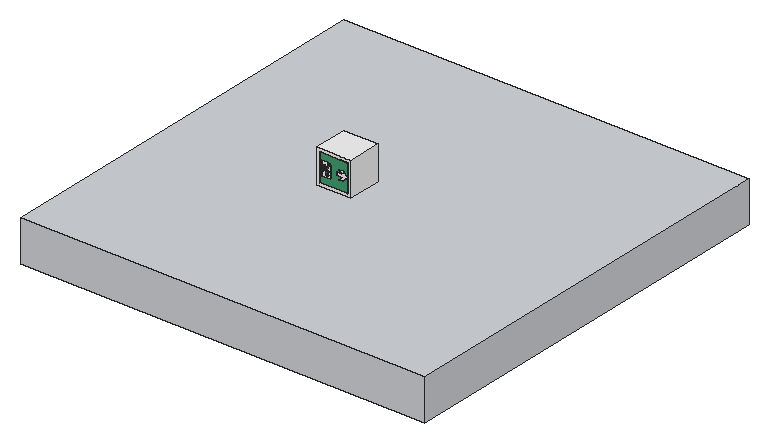
Revit family "Zumtobel CUBESIGN 210", category Lighting Fixtures, host Face, Revit 2016
Family settings
  Host = Face
  Part Type = Normal
  Round Connector Dimension = Use Diameter
  OmniClass Number = 23.80.70.11
  OmniClass Title = Luminaries for Internal Lighting
  Cut with Voids When Loaded = No
  Light Source = Yes
  Shared = No
  Room Calculation Point = No
Parameters (values of type "XUBESIGN 210 SP3-E002-L/D/R")
  Width = 250 mm  # constant formula
  Wattage Comments = ""
  Wattage = 2.31584 W
  built-in parameter 1150110 = 1 (stored number, unit not read)
  Voltage = 230 V
  Suspension Value [instance] = if(Suspension, Suspension Height - 255 mm, 0 mm)  # 0 mm
  Suspension Height [instance] = 0 mm
  Suspension [instance] = Suspension Height > 300 mm  # no
  Stell Rope Length [instance] = if(Suspension, Suspension Value - 35 mm, 600 mm)  # 600 mm
  No Suspension [instance] = not(Suspension)  # yes
  Level Height [instance] = 3000 mm
  Escape Up = no
  URL = "http://www.zumtobel.com/22168758"
  Type Comments = "© Zumtobel. We reserve the right to make technical changes without prior notice."  # constant formula
  built-in parameter 1114217 = 1 (stored number, unit not read)
  Tilt Angle = -90.00°
  built-in parameter 1150109 = 1 (stored number, unit not read)
  built-in parameter 1150134 = 12
  built-in parameter 1150113 = 1 (stored number, unit not read)
  Photometric Web File = "D40711AA_CUBESIGN_210_P_MSC_ECD.IES"
  Offset from Level [instance] = 0 mm
  built-in parameter 1150105 = 51.6 (stored number, unit not read)
  Lumens = 344 lm
  built-in parameter 1150115 = 1 (stored number, unit not read)
  built-in parameter 1150137 = (empty or 0)
  built-in parameter 1150139 = (empty or 0)
  built-in parameter 1150112 = 1 (stored number, unit not read)
  built-in parameter 1150114 = 1 (stored number, unit not read)
  built-in parameter 1150132 = 2
  built-in parameter 1150102 = (empty or 0)
  built-in parameter 1150107 = 4000 (stored number, unit not read)
  built-in parameter 1150138 = (empty or 0)
  built-in parameter 1150106 = 0.516 (stored number, unit not read)
  Height = 250 mm  # constant formula
  Emit from Rectangle Width = 155 mm
  Emit from Rectangle Length = 305 mm
  Emit Shape Visible in Rendering = no
  built-in parameter 1150104 = 13.8 (stored number, unit not read)
  Escape Down = yes
  Dimming Lamp Color Temperature Shift = <None>
  Depth = 250 mm  # constant formula
  Model = "22168758"
  Manufacturer = "Zumtobel Lighting"  # constant formula
  Lamp = "LED"
  Description = "Escape sign LED luminaire ceiling-recessed"  # constant formula
  Default Elevation = 0 mm
  Color Filter = 16777215
  Body = ZG_Metal_White
  built-in parameter 1114218 = 1 (stored number, unit not read)
  built-in parameter 1150133 = 10 (stored number, unit not read)
  Assembly Code = "D5020200"
  Apparent Load = 7.7 VA
Types (2, lengths in mm): name | Escape Up | URL | Escape Down | Model
  CUBESIGN 210 SP3-E002-L/UP/R | yes | "http://www.zumtobel.com/22171418" | no | "22171418"
  XUBESIGN 210 SP3-E002-L/D/R | no | "http://www.zumtobel.com/22168758" | yes | "22168758"
Reference planes
  plane 1 "Center (Front/Back)": y = 0
  plane 2 "Bottom Level": z = 0
  plane 3 "Center (Left/Right)": x = -735.5
  plane 4 "Left": x = -860.5
  plane 5 "Right": x = -610.5
  plane 6 "Back": y = 125
  plane 7 "Front": y = -125
  plane 8: z = 0
  plane 9 "Bottom": z = 5
  plane 10 "Top": z = 255
  plane 11: z = 25
  plane 12: z = 235
  plane 13: x = -840.5
  plane 14: x = -630.5
  plane 15: y = 105
  plane 16: y = -105
  plane 17: z = 130
  plane 18 "2D Symbol": z = 3000
  plane 19 "Suspension": z = 0
  plane 20 "Steel Rope": z = 40
Forms (mm)
  Extrusion 1, solid
    sketch origin (123, 0, 0) x (1, 0, 0) y (0, 1, 0)
      loop
        line (-2085.5, 1500) -> (-2085.5, -1500) -> (914.5, -1500) -> (914.5, 1500) -> (-2085.5, 1500)
    from 0 to -304.8
  Extrusion 2, solid, material "ZG_Metal_White" <- "Body"
    sketch origin (0, 0, 5) x (-1, 0, 0) y (0, -1, 0)
      loop
        line (860.5, -125) -> (860.5, 125) -> (610.5, 125) -> (610.5, -125) -> (860.5, -125)
    from 0 to 20
  Extrusion 3, solid, material "ZG_Metal_White" <- "Body"
    sketch origin (0, 0, -762.5) x (-1, 0, 0) y (0, -1, 0)
      loop
        line (860.5, -125) -> (860.5, 125) -> (610.5, 125) -> (610.5, -125) -> (860.5, -125)
    from 997.5 to 1017.5
  Extrusion 4, solid, material "ZG_Metal_White" <- "Body"
    sketch origin (0, 0, 5) x (-1, 0, 0) y (0, -1, 0)
      loop
        line (860.5, -125) -> (860.5, -105) -> (840.5, -105) -> (840.5, -125) -> (860.5, -125)
      loop
        line (630.5, -125) -> (630.5, 125) -> (610.5, 125) -> (610.5, -125) -> (630.5, -125)
      loop
        line (860.5, 125) -> (840.5, 125) -> (840.5, 105) -> (860.5, 105) -> (860.5, 125)
    from 20 to 230
  Extrusion 5, solid, material "ZG_Plastics_Black", visible <- "Suspension"
    sketch origin (0, 0, 5) x (-1, 0, 0) y (0, -1, 0)
      loop
        circle (831.5, -72.355) r 10
      loop
        circle (639.5, -72.355) r 10
      loop
        circle (831.5, 72.355) r 10
      loop
        circle (639.5, 72.355) r 10
    from 0 to -5
  Extrusion 6, solid, visible <- "Suspension"
    sketch origin (0, 0, 0) x (0, 1, 0) y (-1, 0, 0)
      loop
        circle (0, 735.5) r 7.5
    from 0 to 40
  Extrusion 7, solid, visible <- "Suspension"
    sketch origin (0, 0, 40) x (0, 1, 0) y (-1, 0, 0)
      loop
        circle (0, 735.5) r 2.5
    from 0 to 600 <- "Stell Rope Length"
Cuts and joins
  joined: Extrusion 2, Extrusion 3, Extrusion 4
Lines and regions (mm)
  symbolic lines, not visible, detail levels coarse
    curve 1: line (-735.5, 80, 0) -> (-735.5, -80, 0)
    curve 2: line (-735.5, 80, 0) -> (-735.5, -80, 0)
  model lines, style "InvisibleLines"
    curve 3: line (-735.5, 0, 3000) -> (-735.5, 0, 0)
Dimensions and locks
  locked: plane 10 "Top" to plane 9 "Bottom" at 250
  locked: plane 9 "Bottom" to plane 8 at 5
  locked: plane 10 "Top" to plane 12 at 20
  locked: plane 11 to plane 9 "Bottom" at 20
  "Offset from Level": level to plane 19 "Suspension"
  equal spacing: plane 10 "Top", plane 17, plane 9 "Bottom"
  "Level Height": plane 18 "2D Symbol" to plane 19 "Suspension"
  "Suspension Value": plane 8 to plane 19 "Suspension"
  plane 20 "Steel Rope" to plane 19 "Suspension" = 40 mm
  aligned and locked: plane 2 "Bottom Level" to Extrusion 1
  aligned and locked: level to Extrusion 1
  aligned and locked: plane 12 to Extrusion 4
  aligned and locked: Extrusion 4 to plane 11
  aligned and locked: cut or joined group of Extrusion 2, Extrusion 3, Extrusion 4 to plane 12
  aligned and locked: plane 10 "Top" to cut or joined group of Extrusion 2, Extrusion 3, Extrusion 4
  aligned and locked: nested 1 to plane 17
  aligned and locked: plane 17 to nested 2
  aligned and locked: plane 17 to nested 3
  aligned and locked: plane 18 "2D Symbol" to curve 3
  aligned and locked: plane 8 to curve 3
  aligned and locked: curve 3 to plane 3 "Center (Left/Right)"
  aligned and locked: plane 20 "Steel Rope" to Extrusion 6
  aligned and locked: plane 10 "Top" to imposter light
Automatic sketch dimensions
  curve 1 to plane 3 "Center (Left/Right)" = 0 mm
  curve 2 to plane 3 "Center (Left/Right)" = 0 mm
  plane 16 to curve 1 = 25 mm
  curve 2 to curve 1 = 0 mm
  plane 15 to curve 2 = 25 mm
  curve 1 to curve 2 = 0 mm
  Extrusion 1 sketch curve to Extrusion 1 sketch curve = 3000 mm  (x2)
  Extrusion 3 sketch curve to plane 5 "Right" = 0 mm
  Extrusion 3 sketch curve to plane 4 "Left" = 0 mm
  plane 6 "Back" to Extrusion 3 sketch curve = 0 mm
  Extrusion 3 sketch curve to plane 7 "Front" = 0 mm
  plane 1 "Center (Front/Back)" to Extrusion 6 sketch curve = 0 mm
  Extrusion 6 sketch curve to plane 3 "Center (Left/Right)" = 0 mm
  plane 1 "Center (Front/Back)" to Extrusion 7 sketch curve = 0 mm
  Extrusion 7 sketch curve to plane 3 "Center (Left/Right)" = 0 mm
  Extrusion 2 sketch curve to plane 5 "Right" = 0 mm
  Extrusion 2 sketch curve to plane 4 "Left" = 0 mm
  plane 6 "Back" to Extrusion 2 sketch curve = 0 mm
  Extrusion 2 sketch curve to plane 7 "Front" = 0 mm
  Extrusion 4 sketch curve to plane 5 "Right" = 0 mm
  Extrusion 4 sketch curve to plane 7 "Front" = 0 mm  (x2)
  Extrusion 4 sketch curve to plane 14 = 0 mm
  Extrusion 4 sketch curve to plane 13 = 0 mm  (x2)
  Extrusion 4 sketch curve to plane 4 "Left" = 0 mm  (x2)
  plane 6 "Back" to Extrusion 4 sketch curve = 0 mm  (x2)
  plane 15 to Extrusion 4 sketch curve = 0 mm
  Extrusion 4 sketch curve to plane 16 = 0 mm
  Extrusion 5 sketch curve to plane 14 = 9 mm  (x2)
  Extrusion 5 sketch curve to plane 13 = 9 mm  (x2)
  plane 15 to Extrusion 5 sketch curve = 32.645 mm  (x2)
  plane 16 to Extrusion 5 sketch curve = 32.645 mm  (x2)
  radius of Extrusion 6 sketch curve = 7.5 mm
  radius of Extrusion 7 sketch curve = 2.5 mm
  radius of Extrusion 5 sketch curve = 10 mm  (x4)
Nested families
  nested 1: "Zumtobel_Escape_Up_Down" at (-735.5, -105, 130) x (-1, 0, 0) z (0, 0, 1), type "Zumtobel_Escape_Up_Down"
    with Up no, Left_Right yes, Down no
  nested 2: "Zumtobel_Escape_Up_Down" at (-735.5, 105, 130) x (-1, 0, 0) z (0, 0, 1), type "Zumtobel_Escape_Up_Down"
    with Up no, Left_Right yes, Down no
  nested 3: "Zumtobel_Escape_Up_Down" at (-840.5, 0, 130) x (0, -1, 0) z (0, 0, 1), Down <- "Escape Down", Up <- "Escape Up", type "Zumtobel_Escape_Up_Down"
    with Up no, Left_Right no, Down yes
  nested 4: "2D Symbol Escape Sign" at (-860.5, 0, 3000) x (0, 1, 0) z (0, 0, 1), Escape Down <- "Escape Down", Escape Up <- "Escape Up", type "2D Symbol Escape Sign", detail levels medium+fine
    with Escape Up no, Escape Left & Right no, Escape Down yes
  nested 5: "2D Symbol Escape Sign" at (-735.5, -125, 3000) x (-1, 0, 0) z (0, 0, 1), type "2D Symbol Escape Sign", detail levels medium+fine
    with Escape Down no, Escape Up no
  nested 6: "2D Symbol Escape Sign" at (-735.5, 125, 3000) x (-1, 0, 0) z (0, 0, 1), type "2D Symbol Escape Sign", detail levels medium+fine
    with Escape Down no, Escape Up no
Connectors
  electrical at (-735.5, 0, 5), driven by "Voltage", driven by "Apparent Load"
    settings: on cut or joined group of Extrusion 2, Extrusion 3, Extrusion 4, index 2, voltage 230 V, apparent load 7.7 VA, apparent load phase1 0 VA, apparent load phase2 0 VA, apparent load phase3 0 VA, power factor 1, load classification "Lighting", number of poles 1, system type 30, power factor state 1, is connector primary yes, connector utility no, sub classification motor no, connector description "Power"
Definition of nested family "Zumtobel_Escape_Up_Down"
  Parameters (values of type "Family1")
    Up [instance] = yes
    Down [instance] = yes
    Left_Right [instance] = yes
  Reference planes
    plane 1 "Light Source Axis (F/B)": y = 0
    plane 2: z = 0
    plane 3 "Light Source Axis (L/R)": x = 0
    plane 4 "Light Source Elevation": z = 0
  Forms (mm)
    Extrusion 1, solid, visible <- "Left_Right"
      sketch origin (0, 0, 0) x (1, 0, 0) y (0, 0, 1)
        loop
          line (62.868, 6.416) -> (64.537, 22.713)
          arc (64.537, 22.713) -> (65.76, 25.664) -> (68.711, 26.886) r 4.173
          line (68.711, 26.886) -> (100.338, 26.886)
          arc (100.338, 26.886) -> (96.016, 20.728) -> (88.873, 18.364) r 11.973
          line (88.873, 18.364) -> (74.904, 18.364)
          arc (74.904, 18.364) -> (73.6, 17.824) -> (73.059, 16.519) r 1.845
          line (73.059, 16.519) -> (72.269, 4.308)
          arc (72.269, 4.308) -> (71.666, 0.064) -> (70.424, -4.039) r 28.062
          line (70.424, -4.039) -> (64.23, -16.558) -> (72.005, -16.558)
          arc (72.005, -16.558) -> (72.658, -16.253) -> (73.147, -15.723) r 1.862
          line (73.147, -15.723) -> (79.282, -5.721)
          arc (79.282, -5.721) -> (84.29, -4.521) -> (85.491, -9.53) r 3.642
          line (85.491, -9.53) -> (79.253, -19.896)
          arc (79.253, -19.896) -> (76.114, -22.765) -> (71.917, -23.455) r 7.467
          line (71.917, -23.455) -> (51.886, -23.455)
          arc (51.886, -23.455) -> (47.295, -21.722) -> (43.67, -18.415) r 13.036
          line (43.67, -18.415) -> (36.863, -9.31) -> (26.145, -9.31) -> (26.145, -50.031) -> (91.377, -50.031) -> (91.377, 16.558)
          arc (91.377, 16.558) -> (98.428, 20.097) -> (102.447, 26.886) r 14.005
          line (102.447, 26.886) -> (102.447, 29.039) -> (91.377, 29.039) -> (91.377, 43.359) -> (98.049, 50.031) -> (54.959, 50.031) -> (48.793, 44.276)
          arc (48.793, 44.276) -> (46.44, 42.725) -> (43.705, 42.041) r 8.398
          line (43.705, 42.041) -> (36.644, 42.041) -> (44.986, 50.031) -> (32.816, 50.031) -> (26.145, 43.359) -> (26.145, -1.71) -> (38.62, -1.71)
          arc (38.62, -1.71) -> (41.097, -2.792) -> (43.057, -4.654) r 7.806
          line (43.057, -4.654) -> (47.933, -11.243) -> (53.951, 1.364) -> (35.194, 39.801) -> (43.057, 39.801)
          arc (43.057, 39.801) -> (45.116, 39.239) -> (46.604, 37.709) r 4.052
          line (46.604, 37.709) -> (62.868, 6.416)
        loop
          line (-19.954, -10.649) -> (-19.954, 9.864) -> (-61.726, 9.864) -> (-35.929, 33.921) -> (-62.6, 33.921) -> (-99.396, -0.392) -> (-62.6, -34.705) -> (-35.929, -34.705) -> (-61.726, -10.649) -> (-19.954, -10.649)
        loop
          circle (49.834, -32.826) r 7.802
        loop
          line (105, -105) -> (105, 105) -> (-105, 105) -> (-105, -105) -> (105, -105)
      from 0 to 20
    Extrusion 2, solid, visible <- "Left_Right"
      sketch origin (0, 0, 0) x (1, 0, 0) y (0, 0, 1)
        loop
          line (62.868, 6.416) -> (64.537, 22.713)
          arc (64.537, 22.713) -> (65.76, 25.664) -> (68.711, 26.886) r 4.173
          line (68.711, 26.886) -> (100.338, 26.886)
          arc (100.338, 26.886) -> (96.016, 20.728) -> (88.873, 18.364) r 11.973
          line (88.873, 18.364) -> (74.904, 18.364)
          arc (74.904, 18.364) -> (73.6, 17.824) -> (73.059, 16.519) r 1.845
          line (73.059, 16.519) -> (72.269, 4.308)
          arc (72.269, 4.308) -> (71.666, 0.064) -> (70.424, -4.039) r 28.062
          line (70.424, -4.039) -> (64.23, -16.558) -> (72.005, -16.558)
          arc (72.005, -16.558) -> (72.658, -16.253) -> (73.147, -15.723) r 1.862
          line (73.147, -15.723) -> (79.282, -5.721)
          arc (79.282, -5.721) -> (84.29, -4.521) -> (85.491, -9.53) r 3.642
          line (85.491, -9.53) -> (79.253, -19.896)
          arc (79.253, -19.896) -> (76.114, -22.765) -> (71.917, -23.455) r 7.467
          line (71.917, -23.455) -> (51.886, -23.455)
          arc (51.886, -23.455) -> (47.295, -21.722) -> (43.67, -18.415) r 13.036
          line (43.67, -18.415) -> (36.863, -9.31) -> (26.145, -9.31) -> (26.145, -50.031) -> (91.377, -50.031) -> (91.377, 16.558)
          arc (91.377, 16.558) -> (98.428, 20.097) -> (102.447, 26.886) r 14.005
          line (102.447, 26.886) -> (102.447, 29.039) -> (91.377, 29.039) -> (91.377, 43.359) -> (98.049, 50.031) -> (54.959, 50.031) -> (48.793, 44.276)
          arc (48.793, 44.276) -> (46.44, 42.725) -> (43.705, 42.041) r 8.398
          line (43.705, 42.041) -> (36.644, 42.041) -> (44.986, 50.031) -> (32.816, 50.031) -> (26.145, 43.359) -> (26.145, -1.71) -> (38.62, -1.71)
          arc (38.62, -1.71) -> (41.097, -2.792) -> (43.057, -4.654) r 7.806
          line (43.057, -4.654) -> (47.933, -11.243) -> (53.951, 1.364) -> (35.194, 39.801) -> (43.057, 39.801)
          arc (43.057, 39.801) -> (45.116, 39.239) -> (46.604, 37.709) r 4.052
          line (46.604, 37.709) -> (62.868, 6.416)
        loop
          line (-19.954, -10.649) -> (-19.954, 9.864) -> (-61.726, 9.864) -> (-35.929, 33.921) -> (-62.6, 33.921) -> (-99.396, -0.392) -> (-62.6, -34.705) -> (-35.929, -34.705) -> (-61.726, -10.649) -> (-19.954, -10.649)
        loop
          circle (49.834, -32.826) r 7.802
      from 0 to 20
    Extrusion 3, solid, visible <- "Down"
      sketch origin (0, 0, 0) x (1, 0, 0) y (0, 0, 1)
        loop
          line (62.868, 6.416) -> (64.537, 22.713)
          arc (64.537, 22.713) -> (65.76, 25.664) -> (68.711, 26.886) r 4.173
          line (68.711, 26.886) -> (100.338, 26.886)
          arc (100.338, 26.886) -> (96.016, 20.728) -> (88.873, 18.364) r 11.973
          line (88.873, 18.364) -> (74.904, 18.364)
          arc (74.904, 18.364) -> (73.6, 17.824) -> (73.059, 16.519) r 1.845
          line (73.059, 16.519) -> (72.269, 4.308)
          arc (72.269, 4.308) -> (71.666, 0.064) -> (70.424, -4.039) r 28.062
          line (70.424, -4.039) -> (64.23, -16.558) -> (72.005, -16.558)
          arc (72.005, -16.558) -> (72.658, -16.253) -> (73.147, -15.723) r 1.862
          line (73.147, -15.723) -> (79.282, -5.721)
          arc (79.282, -5.721) -> (84.29, -4.521) -> (85.491, -9.53) r 3.642
          line (85.491, -9.53) -> (79.253, -19.896)
          arc (79.253, -19.896) -> (76.114, -22.765) -> (71.917, -23.455) r 7.467
          line (71.917, -23.455) -> (51.886, -23.455)
          arc (51.886, -23.455) -> (47.295, -21.722) -> (43.67, -18.415) r 13.036
          line (43.67, -18.415) -> (36.863, -9.31) -> (26.145, -9.31) -> (26.145, -50.031) -> (91.377, -50.031) -> (91.377, 16.558)
          arc (91.377, 16.558) -> (98.428, 20.097) -> (102.447, 26.886) r 14.005
          line (102.447, 26.886) -> (102.447, 29.039) -> (91.377, 29.039) -> (91.377, 43.359) -> (98.049, 50.031) -> (54.959, 50.031) -> (48.793, 44.276)
          arc (48.793, 44.276) -> (46.44, 42.725) -> (43.705, 42.041) r 8.398
          line (43.705, 42.041) -> (36.644, 42.041) -> (44.986, 50.031) -> (32.816, 50.031) -> (26.145, 43.359) -> (26.145, -1.71) -> (38.62, -1.71)
          arc (38.62, -1.71) -> (41.097, -2.792) -> (43.057, -4.654) r 7.806
          line (43.057, -4.654) -> (47.933, -11.243) -> (53.951, 1.364) -> (35.194, 39.801) -> (43.057, 39.801)
          arc (43.057, 39.801) -> (45.116, 39.239) -> (46.604, 37.709) r 4.052
          line (46.604, 37.709) -> (62.868, 6.416)
        loop
          line (-69.932, -40.113) -> (-49.418, -40.113) -> (-49.418, 1.659) -> (-25.362, -24.138) -> (-25.362, 2.533) -> (-59.675, 39.329) -> (-93.988, 2.533) -> (-93.988, -24.138) -> (-69.932, 1.659) -> (-69.932, -40.113)
        loop
          circle (49.834, -32.826) r 7.802
        loop
          line (105, -105) -> (105, 105) -> (-105, 105) -> (-105, -105) -> (105, -105)
      from 0 to 20
    Extrusion 4, solid, visible <- "Down"
      sketch origin (0, 0, 0) x (1, 0, 0) y (0, 0, 1)
        loop
          line (62.868, 6.416) -> (64.537, 22.713)
          arc (64.537, 22.713) -> (65.76, 25.664) -> (68.711, 26.886) r 4.173
          line (68.711, 26.886) -> (100.338, 26.886)
          arc (100.338, 26.886) -> (96.016, 20.728) -> (88.873, 18.364) r 11.973
          line (88.873, 18.364) -> (74.904, 18.364)
          arc (74.904, 18.364) -> (73.6, 17.824) -> (73.059, 16.519) r 1.845
          line (73.059, 16.519) -> (72.269, 4.308)
          arc (72.269, 4.308) -> (71.666, 0.064) -> (70.424, -4.039) r 28.062
          line (70.424, -4.039) -> (64.23, -16.558) -> (72.005, -16.558)
          arc (72.005, -16.558) -> (72.658, -16.253) -> (73.147, -15.723) r 1.862
          line (73.147, -15.723) -> (79.282, -5.721)
          arc (79.282, -5.721) -> (84.29, -4.521) -> (85.491, -9.53) r 3.642
          line (85.491, -9.53) -> (79.253, -19.896)
          arc (79.253, -19.896) -> (76.114, -22.765) -> (71.917, -23.455) r 7.467
          line (71.917, -23.455) -> (51.886, -23.455)
          arc (51.886, -23.455) -> (47.295, -21.722) -> (43.67, -18.415) r 13.036
          line (43.67, -18.415) -> (36.863, -9.31) -> (26.145, -9.31) -> (26.145, -50.031) -> (91.377, -50.031) -> (91.377, 16.558)
          arc (91.377, 16.558) -> (98.428, 20.097) -> (102.447, 26.886) r 14.005
          line (102.447, 26.886) -> (102.447, 29.039) -> (91.377, 29.039) -> (91.377, 43.359) -> (98.049, 50.031) -> (54.959, 50.031) -> (48.793, 44.276)
          arc (48.793, 44.276) -> (46.44, 42.725) -> (43.705, 42.041) r 8.398
          line (43.705, 42.041) -> (36.644, 42.041) -> (44.986, 50.031) -> (32.816, 50.031) -> (26.145, 43.359) -> (26.145, -1.71) -> (38.62, -1.71)
          arc (38.62, -1.71) -> (41.097, -2.792) -> (43.057, -4.654) r 7.806
          line (43.057, -4.654) -> (47.933, -11.243) -> (53.951, 1.364) -> (35.194, 39.801) -> (43.057, 39.801)
          arc (43.057, 39.801) -> (45.116, 39.239) -> (46.604, 37.709) r 4.052
          line (46.604, 37.709) -> (62.868, 6.416)
        loop
          line (-69.932, -40.113) -> (-49.418, -40.113) -> (-49.418, 1.659) -> (-25.362, -24.138) -> (-25.362, 2.533) -> (-59.675, 39.329) -> (-93.988, 2.533) -> (-93.988, -24.138) -> (-69.932, 1.659) -> (-69.932, -40.113)
        loop
          circle (49.834, -32.826) r 7.802
      from 0 to 20
    Extrusion 5, solid, visible <- "Up"
      sketch origin (0, 0, 0) x (1, 0, 0) y (0, 0, 1)
        loop
          line (62.868, 6.416) -> (64.537, 22.713)
          arc (64.537, 22.713) -> (65.76, 25.664) -> (68.711, 26.886) r 4.173
          line (68.711, 26.886) -> (100.338, 26.886)
          arc (100.338, 26.886) -> (96.016, 20.728) -> (88.873, 18.364) r 11.973
          line (88.873, 18.364) -> (74.904, 18.364)
          arc (74.904, 18.364) -> (73.6, 17.824) -> (73.059, 16.519) r 1.845
          line (73.059, 16.519) -> (72.269, 4.308)
          arc (72.269, 4.308) -> (71.666, 0.064) -> (70.424, -4.039) r 28.062
          line (70.424, -4.039) -> (64.23, -16.558) -> (72.005, -16.558)
          arc (72.005, -16.558) -> (72.658, -16.253) -> (73.147, -15.723) r 1.862
          line (73.147, -15.723) -> (79.282, -5.721)
          arc (79.282, -5.721) -> (84.29, -4.521) -> (85.491, -9.53) r 3.642
          line (85.491, -9.53) -> (79.253, -19.896)
          arc (79.253, -19.896) -> (76.114, -22.765) -> (71.917, -23.455) r 7.467
          line (71.917, -23.455) -> (51.886, -23.455)
          arc (51.886, -23.455) -> (47.295, -21.722) -> (43.67, -18.415) r 13.036
          line (43.67, -18.415) -> (36.863, -9.31) -> (26.145, -9.31) -> (26.145, -50.031) -> (91.377, -50.031) -> (91.377, 16.558)
          arc (91.377, 16.558) -> (98.428, 20.097) -> (102.447, 26.886) r 14.005
          line (102.447, 26.886) -> (102.447, 29.039) -> (91.377, 29.039) -> (91.377, 43.359) -> (98.049, 50.031) -> (54.959, 50.031) -> (48.793, 44.276)
          arc (48.793, 44.276) -> (46.44, 42.725) -> (43.705, 42.041) r 8.398
          line (43.705, 42.041) -> (36.644, 42.041) -> (44.986, 50.031) -> (32.816, 50.031) -> (26.145, 43.359) -> (26.145, -1.71) -> (38.62, -1.71)
          arc (38.62, -1.71) -> (41.097, -2.792) -> (43.057, -4.654) r 7.806
          line (43.057, -4.654) -> (47.933, -11.243) -> (53.951, 1.364) -> (35.194, 39.801) -> (43.057, 39.801)
          arc (43.057, 39.801) -> (45.116, 39.239) -> (46.604, 37.709) r 4.052
          line (46.604, 37.709) -> (62.868, 6.416)
        loop
          circle (49.834, -32.826) r 7.802
        loop
          line (105, -105) -> (105, 105) -> (-105, 105) -> (-105, -105) -> (105, -105)
        loop
          line (-69.932, 40.113) -> (-69.932, -1.659) -> (-93.988, 24.138) -> (-93.988, -2.533) -> (-59.675, -39.329) -> (-25.362, -2.533) -> (-25.362, 24.138) -> (-49.418, -1.659) -> (-49.418, 40.113) -> (-69.932, 40.113)
      from 0 to 20
    Extrusion 6, solid, visible <- "Up"
      sketch origin (0, 0, 0) x (1, 0, 0) y (0, 0, 1)
        loop
          line (62.868, 6.416) -> (64.537, 22.713)
          arc (64.537, 22.713) -> (65.76, 25.664) -> (68.711, 26.886) r 4.173
          line (68.711, 26.886) -> (100.338, 26.886)
          arc (100.338, 26.886) -> (96.016, 20.728) -> (88.873, 18.364) r 11.973
          line (88.873, 18.364) -> (74.904, 18.364)
          arc (74.904, 18.364) -> (73.6, 17.824) -> (73.059, 16.519) r 1.845
          line (73.059, 16.519) -> (72.269, 4.308)
          arc (72.269, 4.308) -> (71.666, 0.064) -> (70.424, -4.039) r 28.062
          line (70.424, -4.039) -> (64.23, -16.558) -> (72.005, -16.558)
          arc (72.005, -16.558) -> (72.658, -16.253) -> (73.147, -15.723) r 1.862
          line (73.147, -15.723) -> (79.282, -5.721)
          arc (79.282, -5.721) -> (84.29, -4.521) -> (85.491, -9.53) r 3.642
          line (85.491, -9.53) -> (79.253, -19.896)
          arc (79.253, -19.896) -> (76.114, -22.765) -> (71.917, -23.455) r 7.467
          line (71.917, -23.455) -> (51.886, -23.455)
          arc (51.886, -23.455) -> (47.295, -21.722) -> (43.67, -18.415) r 13.036
          line (43.67, -18.415) -> (36.863, -9.31) -> (26.145, -9.31) -> (26.145, -50.031) -> (91.377, -50.031) -> (91.377, 16.558)
          arc (91.377, 16.558) -> (98.428, 20.097) -> (102.447, 26.886) r 14.005
          line (102.447, 26.886) -> (102.447, 29.039) -> (91.377, 29.039) -> (91.377, 43.359) -> (98.049, 50.031) -> (54.959, 50.031) -> (48.793, 44.276)
          arc (48.793, 44.276) -> (46.44, 42.725) -> (43.705, 42.041) r 8.398
          line (43.705, 42.041) -> (36.644, 42.041) -> (44.986, 50.031) -> (32.816, 50.031) -> (26.145, 43.359) -> (26.145, -1.71) -> (38.62, -1.71)
          arc (38.62, -1.71) -> (41.097, -2.792) -> (43.057, -4.654) r 7.806
          line (43.057, -4.654) -> (47.933, -11.243) -> (53.951, 1.364) -> (35.194, 39.801) -> (43.057, 39.801)
          arc (43.057, 39.801) -> (45.116, 39.239) -> (46.604, 37.709) r 4.052
          line (46.604, 37.709) -> (62.868, 6.416)
        loop
          circle (49.834, -32.826) r 7.802
        loop
          line (-69.932, 40.113) -> (-69.932, -1.659) -> (-93.988, 24.138) -> (-93.988, -2.533) -> (-59.675, -39.329) -> (-25.362, -2.533) -> (-25.362, 24.138) -> (-49.418, -1.659) -> (-49.418, 40.113) -> (-69.932, 40.113)
      from 0 to 20
  Dimensions and locks
    aligned and locked: level to plane 2
    aligned and locked: plane 4 "Light Source Elevation" to plane 2
Definition of nested family "2D Symbol Escape Sign"
  Parameters (values of type "2D Symbol Escape Sign")
    Escape Left & Right [instance] = yes
    Escape Down [instance] = yes
    Escape Up [instance] = yes
  Reference planes
    plane 1 "Center (Front/Back)": y = 0
    plane 2: z = 0
    plane 3 "Center (Left/Right)": x = 0
  Lines and regions (mm)
    Filled region 1, type "Color Green", in view "Ref. Level", visible <- "Escape Up"
      outline origin (-880, 0, 0) x (1, 0, 0) y (0, 1, 0)
        loop
          line (942.868, -98.584) -> (944.537, -82.287)
          arc (944.537, -82.287) -> (945.76, -79.336) -> (948.711, -78.114) r 4.173
          line (948.711, -78.114) -> (980.338, -78.114)
          arc (980.338, -78.114) -> (976.016, -84.272) -> (968.873, -86.636) r 11.973
          line (968.873, -86.636) -> (954.904, -86.636)
          arc (954.904, -86.636) -> (953.6, -87.176) -> (953.059, -88.481) r 1.845
          line (953.059, -88.481) -> (952.269, -100.692)
          arc (952.269, -100.692) -> (951.666, -104.936) -> (950.424, -109.039) r 28.062
          line (950.424, -109.039) -> (944.23, -121.558) -> (952.005, -121.558)
          arc (952.005, -121.558) -> (952.658, -121.253) -> (953.147, -120.723) r 1.862
          line (953.147, -120.723) -> (959.282, -110.721)
          arc (959.282, -110.721) -> (964.29, -109.521) -> (965.491, -114.53) r 3.642
          line (965.491, -114.53) -> (959.253, -124.896)
          arc (959.253, -124.896) -> (956.114, -127.765) -> (951.917, -128.455) r 7.467
          line (951.917, -128.455) -> (931.886, -128.455)
          arc (931.886, -128.455) -> (927.295, -126.722) -> (923.67, -123.415) r 13.036
          line (923.67, -123.415) -> (916.863, -114.31) -> (906.145, -114.31) -> (906.145, -155.031) -> (971.377, -155.031) -> (971.377, -88.442)
          arc (971.377, -88.442) -> (978.428, -84.903) -> (982.447, -78.114) r 14.005
          line (982.447, -78.114) -> (982.447, -75.961) -> (971.377, -75.961) -> (971.377, -61.641) -> (978.049, -54.969) -> (934.959, -54.969) -> (928.793, -60.724)
          arc (928.793, -60.724) -> (926.44, -62.275) -> (923.705, -62.959) r 8.398
          line (923.705, -62.959) -> (916.644, -62.959) -> (924.986, -54.969) -> (912.816, -54.969) -> (906.145, -61.641) -> (906.145, -106.71) -> (918.62, -106.71)
          arc (918.62, -106.71) -> (921.097, -107.792) -> (923.057, -109.654) r 7.806
          line (923.057, -109.654) -> (927.933, -116.243) -> (933.951, -103.636) -> (915.194, -65.199) -> (923.057, -65.199)
          arc (923.057, -65.199) -> (925.116, -65.761) -> (926.604, -67.291) r 4.052
          line (926.604, -67.291) -> (942.868, -98.584)
        loop
          circle (929.834, -137.826) r 7.802
        loop
          line (985, -210) -> (985, 0) -> (775, 0) -> (775, -210) -> (985, -210)
        loop
          line (810.068, -64.887) -> (810.068, -106.659) -> (786.012, -80.862) -> (786.012, -107.533) -> (820.325, -144.329) -> (854.638, -107.533) -> (854.638, -80.862) -> (830.582, -106.659) -> (830.582, -64.887) -> (810.068, -64.887)
    Filled region 2, type "Color White", in view "Ref. Level", visible <- "Escape Up"
      outline origin (-880, 0, 0) x (1, 0, 0) y (0, 1, 0)
        loop
          line (830.582, -64.887) -> (810.068, -64.887) -> (810.068, -106.659) -> (786.012, -80.862) -> (786.012, -107.533) -> (820.325, -144.329) -> (854.638, -107.533) -> (854.638, -80.862) -> (830.582, -106.659) -> (830.582, -64.887)
        loop
          line (942.868, -98.584) -> (944.537, -82.287)
          arc (944.537, -82.287) -> (945.76, -79.336) -> (948.711, -78.114) r 4.173
          line (948.711, -78.114) -> (980.338, -78.114)
          arc (980.338, -78.114) -> (976.016, -84.272) -> (968.873, -86.636) r 11.973
          line (968.873, -86.636) -> (954.904, -86.636)
          arc (954.904, -86.636) -> (953.6, -87.176) -> (953.059, -88.481) r 1.845
          line (953.059, -88.481) -> (952.269, -100.692)
          arc (952.269, -100.692) -> (951.666, -104.936) -> (950.424, -109.039) r 28.062
          line (950.424, -109.039) -> (944.23, -121.558) -> (952.005, -121.558)
          arc (952.005, -121.558) -> (952.658, -121.253) -> (953.147, -120.723) r 1.862
          line (953.147, -120.723) -> (959.282, -110.721)
          arc (959.282, -110.721) -> (964.29, -109.521) -> (965.491, -114.53) r 3.642
          line (965.491, -114.53) -> (959.253, -124.896)
          arc (959.253, -124.896) -> (956.114, -127.765) -> (951.917, -128.455) r 7.467
          line (951.917, -128.455) -> (931.886, -128.455)
          arc (931.886, -128.455) -> (927.295, -126.722) -> (923.67, -123.415) r 13.036
          line (923.67, -123.415) -> (916.863, -114.31) -> (906.145, -114.31) -> (906.145, -155.031) -> (971.377, -155.031) -> (971.377, -88.442)
          arc (971.377, -88.442) -> (978.428, -84.903) -> (982.447, -78.114) r 14.005
          line (982.447, -78.114) -> (982.447, -75.961) -> (971.377, -75.961) -> (971.377, -61.641) -> (978.049, -54.969) -> (934.959, -54.969) -> (928.793, -60.724)
          arc (928.793, -60.724) -> (926.44, -62.275) -> (923.705, -62.959) r 8.398
          line (923.705, -62.959) -> (916.644, -62.959) -> (924.986, -54.969) -> (912.816, -54.969) -> (906.145, -61.641) -> (906.145, -106.71) -> (918.62, -106.71)
          arc (918.62, -106.71) -> (921.097, -107.792) -> (923.057, -109.654) r 7.806
          line (923.057, -109.654) -> (927.933, -116.243) -> (933.951, -103.636) -> (915.194, -65.199) -> (923.057, -65.199)
          arc (923.057, -65.199) -> (925.116, -65.761) -> (926.604, -67.291) r 4.052
          line (926.604, -67.291) -> (942.868, -98.584)
        loop
          circle (929.834, -137.826) r 7.802
    Filled region 3, type "Color Green", in view "Ref. Level", visible <- "Escape Down"
      outline origin (-880, 0, 0) x (1, 0, 0) y (0, 1, 0)
        loop
          line (942.868, -98.584) -> (944.537, -82.287)
          arc (944.537, -82.287) -> (945.76, -79.336) -> (948.711, -78.114) r 4.173
          line (948.711, -78.114) -> (980.338, -78.114)
          arc (980.338, -78.114) -> (976.016, -84.272) -> (968.873, -86.636) r 11.973
          line (968.873, -86.636) -> (954.904, -86.636)
          arc (954.904, -86.636) -> (953.6, -87.176) -> (953.059, -88.481) r 1.845
          line (953.059, -88.481) -> (952.269, -100.692)
          arc (952.269, -100.692) -> (951.666, -104.936) -> (950.424, -109.039) r 28.062
          line (950.424, -109.039) -> (944.23, -121.558) -> (952.005, -121.558)
          arc (952.005, -121.558) -> (952.658, -121.253) -> (953.147, -120.723) r 1.862
          line (953.147, -120.723) -> (959.282, -110.721)
          arc (959.282, -110.721) -> (964.29, -109.521) -> (965.491, -114.53) r 3.642
          line (965.491, -114.53) -> (959.253, -124.896)
          arc (959.253, -124.896) -> (956.114, -127.765) -> (951.917, -128.455) r 7.467
          line (951.917, -128.455) -> (931.886, -128.455)
          arc (931.886, -128.455) -> (927.295, -126.722) -> (923.67, -123.415) r 13.036
          line (923.67, -123.415) -> (916.863, -114.31) -> (906.145, -114.31) -> (906.145, -155.031) -> (971.377, -155.031) -> (971.377, -88.442)
          arc (971.377, -88.442) -> (978.428, -84.903) -> (982.447, -78.114) r 14.005
          line (982.447, -78.114) -> (982.447, -75.961) -> (971.377, -75.961) -> (971.377, -61.641) -> (978.049, -54.969) -> (934.959, -54.969) -> (928.793, -60.724)
          arc (928.793, -60.724) -> (926.44, -62.275) -> (923.705, -62.959) r 8.398
          line (923.705, -62.959) -> (916.644, -62.959) -> (924.986, -54.969) -> (912.816, -54.969) -> (906.145, -61.641) -> (906.145, -106.71) -> (918.62, -106.71)
          arc (918.62, -106.71) -> (921.097, -107.792) -> (923.057, -109.654) r 7.806
          line (923.057, -109.654) -> (927.933, -116.243) -> (933.951, -103.636) -> (915.194, -65.199) -> (923.057, -65.199)
          arc (923.057, -65.199) -> (925.116, -65.761) -> (926.604, -67.291) r 4.052
          line (926.604, -67.291) -> (942.868, -98.584)
        loop
          circle (929.834, -137.826) r 7.802
        loop
          line (985, -210) -> (985, 0) -> (775, 0) -> (775, -210) -> (985, -210)
        loop
          line (810.068, -145.113) -> (830.582, -145.113) -> (830.582, -103.341) -> (854.638, -129.138) -> (854.638, -102.467) -> (820.325, -65.671) -> (786.012, -102.467) -> (786.012, -129.138) -> (810.068, -103.341) -> (810.068, -145.113)
    Filled region 4, type "Color Green", in view "Ref. Level", visible <- "Escape Left & Right"
      outline origin (-880, 0, 0) x (1, 0, 0) y (0, 1, 0)
        loop
          line (942.868, -98.584) -> (944.537, -82.287)
          arc (944.537, -82.287) -> (945.76, -79.336) -> (948.711, -78.114) r 4.173
          line (948.711, -78.114) -> (980.338, -78.114)
          arc (980.338, -78.114) -> (976.016, -84.272) -> (968.873, -86.636) r 11.973
          line (968.873, -86.636) -> (954.904, -86.636)
          arc (954.904, -86.636) -> (953.6, -87.176) -> (953.059, -88.481) r 1.845
          line (953.059, -88.481) -> (952.269, -100.692)
          arc (952.269, -100.692) -> (951.666, -104.936) -> (950.424, -109.039) r 28.062
          line (950.424, -109.039) -> (944.23, -121.558) -> (952.005, -121.558)
          arc (952.005, -121.558) -> (952.658, -121.253) -> (953.147, -120.723) r 1.862
          line (953.147, -120.723) -> (959.282, -110.721)
          arc (959.282, -110.721) -> (964.29, -109.521) -> (965.491, -114.53) r 3.642
          line (965.491, -114.53) -> (959.253, -124.896)
          arc (959.253, -124.896) -> (956.114, -127.765) -> (951.917, -128.455) r 7.467
          line (951.917, -128.455) -> (931.886, -128.455)
          arc (931.886, -128.455) -> (927.295, -126.722) -> (923.67, -123.415) r 13.036
          line (923.67, -123.415) -> (916.863, -114.31) -> (906.145, -114.31) -> (906.145, -155.031) -> (971.377, -155.031) -> (971.377, -88.442)
          arc (971.377, -88.442) -> (978.428, -84.903) -> (982.447, -78.114) r 14.005
          line (982.447, -78.114) -> (982.447, -75.961) -> (971.377, -75.961) -> (971.377, -61.641) -> (978.049, -54.969) -> (934.959, -54.969) -> (928.793, -60.724)
          arc (928.793, -60.724) -> (926.44, -62.275) -> (923.705, -62.959) r 8.398
          line (923.705, -62.959) -> (916.644, -62.959) -> (924.986, -54.969) -> (912.816, -54.969) -> (906.145, -61.641) -> (906.145, -106.71) -> (918.62, -106.71)
          arc (918.62, -106.71) -> (921.097, -107.792) -> (923.057, -109.654) r 7.806
          line (923.057, -109.654) -> (927.933, -116.243) -> (933.951, -103.636) -> (915.194, -65.199) -> (923.057, -65.199)
          arc (923.057, -65.199) -> (925.116, -65.761) -> (926.604, -67.291) r 4.052
          line (926.604, -67.291) -> (942.868, -98.584)
        loop
          circle (929.834, -137.826) r 7.802
        loop
          line (985, -210) -> (985, 0) -> (775, 0) -> (775, -210) -> (985, -210)
        loop
          line (860.046, -94.351) -> (818.274, -94.351) -> (844.071, -70.295) -> (817.4, -70.295) -> (780.604, -104.608) -> (817.4, -138.921) -> (844.071, -138.921) -> (818.274, -114.864) -> (860.046, -114.864) -> (860.046, -94.351)
    Filled region 5, type "Color White", in view "Ref. Level", visible <- "Escape Left & Right"
      outline origin (-880, 0, 0) x (1, 0, 0) y (0, 1, 0)
        loop
          line (860.046, -114.864) -> (860.046, -94.351) -> (818.274, -94.351) -> (844.071, -70.295) -> (817.4, -70.295) -> (780.604, -104.608) -> (817.4, -138.921) -> (844.071, -138.921) -> (818.274, -114.864) -> (860.046, -114.864)
        loop
          line (942.868, -98.584) -> (944.537, -82.287)
          arc (944.537, -82.287) -> (945.76, -79.336) -> (948.711, -78.114) r 4.173
          line (948.711, -78.114) -> (980.338, -78.114)
          arc (980.338, -78.114) -> (976.016, -84.272) -> (968.873, -86.636) r 11.973
          line (968.873, -86.636) -> (954.904, -86.636)
          arc (954.904, -86.636) -> (953.6, -87.176) -> (953.059, -88.481) r 1.845
          line (953.059, -88.481) -> (952.269, -100.692)
          arc (952.269, -100.692) -> (951.666, -104.936) -> (950.424, -109.039) r 28.062
          line (950.424, -109.039) -> (944.23, -121.558) -> (952.005, -121.558)
          arc (952.005, -121.558) -> (952.658, -121.253) -> (953.147, -120.723) r 1.862
          line (953.147, -120.723) -> (959.282, -110.721)
          arc (959.282, -110.721) -> (964.29, -109.521) -> (965.491, -114.53) r 3.642
          line (965.491, -114.53) -> (959.253, -124.896)
          arc (959.253, -124.896) -> (956.114, -127.765) -> (951.917, -128.455) r 7.467
          line (951.917, -128.455) -> (931.886, -128.455)
          arc (931.886, -128.455) -> (927.295, -126.722) -> (923.67, -123.415) r 13.036
          line (923.67, -123.415) -> (916.863, -114.31) -> (906.145, -114.31) -> (906.145, -155.031) -> (971.377, -155.031) -> (971.377, -88.442)
          arc (971.377, -88.442) -> (978.428, -84.903) -> (982.447, -78.114) r 14.005
          line (982.447, -78.114) -> (982.447, -75.961) -> (971.377, -75.961) -> (971.377, -61.641) -> (978.049, -54.969) -> (934.959, -54.969) -> (928.793, -60.724)
          arc (928.793, -60.724) -> (926.44, -62.275) -> (923.705, -62.959) r 8.398
          line (923.705, -62.959) -> (916.644, -62.959) -> (924.986, -54.969) -> (912.816, -54.969) -> (906.145, -61.641) -> (906.145, -106.71) -> (918.62, -106.71)
          arc (918.62, -106.71) -> (921.097, -107.792) -> (923.057, -109.654) r 7.806
          line (923.057, -109.654) -> (927.933, -116.243) -> (933.951, -103.636) -> (915.194, -65.199) -> (923.057, -65.199)
          arc (923.057, -65.199) -> (925.116, -65.761) -> (926.604, -67.291) r 4.052
          line (926.604, -67.291) -> (942.868, -98.584)
        loop
          circle (929.834, -137.826) r 7.802
    Filled region 6, type "Color White", in view "Ref. Level", visible <- "Escape Down"
      outline origin (-880, 0, 0) x (1, 0, 0) y (0, 1, 0)
        loop
          line (810.068, -144.329) -> (830.582, -144.329) -> (830.582, -102.556) -> (854.638, -128.354) -> (854.638, -101.683) -> (820.325, -64.887) -> (786.012, -101.683) -> (786.012, -128.354) -> (810.068, -102.556) -> (810.068, -144.329)
        loop
          line (942.868, -98.584) -> (944.537, -82.287)
          arc (944.537, -82.287) -> (945.76, -79.336) -> (948.711, -78.114) r 4.173
          line (948.711, -78.114) -> (980.338, -78.114)
          arc (980.338, -78.114) -> (976.016, -84.272) -> (968.873, -86.636) r 11.973
          line (968.873, -86.636) -> (954.904, -86.636)
          arc (954.904, -86.636) -> (953.6, -87.176) -> (953.059, -88.481) r 1.845
          line (953.059, -88.481) -> (952.269, -100.692)
          arc (952.269, -100.692) -> (951.666, -104.936) -> (950.424, -109.039) r 28.062
          line (950.424, -109.039) -> (944.23, -121.558) -> (952.005, -121.558)
          arc (952.005, -121.558) -> (952.658, -121.253) -> (953.147, -120.723) r 1.862
          line (953.147, -120.723) -> (959.282, -110.721)
          arc (959.282, -110.721) -> (964.29, -109.521) -> (965.491, -114.53) r 3.642
          line (965.491, -114.53) -> (959.253, -124.896)
          arc (959.253, -124.896) -> (956.114, -127.765) -> (951.917, -128.455) r 7.467
          line (951.917, -128.455) -> (931.886, -128.455)
          arc (931.886, -128.455) -> (927.295, -126.722) -> (923.67, -123.415) r 13.036
          line (923.67, -123.415) -> (916.863, -114.31) -> (906.145, -114.31) -> (906.145, -155.031) -> (971.377, -155.031) -> (971.377, -88.442)
          arc (971.377, -88.442) -> (978.428, -84.903) -> (982.447, -78.114) r 14.005
          line (982.447, -78.114) -> (982.447, -75.961) -> (971.377, -75.961) -> (971.377, -61.641) -> (978.049, -54.969) -> (934.959, -54.969) -> (928.793, -60.724)
          arc (928.793, -60.724) -> (926.44, -62.275) -> (923.705, -62.959) r 8.398
          line (923.705, -62.959) -> (916.644, -62.959) -> (924.986, -54.969) -> (912.816, -54.969) -> (906.145, -61.641) -> (906.145, -106.71) -> (918.62, -106.71)
          arc (918.62, -106.71) -> (921.097, -107.792) -> (923.057, -109.654) r 7.806
          line (923.057, -109.654) -> (927.933, -116.243) -> (933.951, -103.636) -> (915.194, -65.199) -> (923.057, -65.199)
          arc (923.057, -65.199) -> (925.116, -65.761) -> (926.604, -67.291) r 4.052
          line (926.604, -67.291) -> (942.868, -98.584)
        loop
          circle (929.834, -137.826) r 7.802
  Dimensions and locks
    aligned and locked: Filled region 2 sketch curve to Filled region 1
